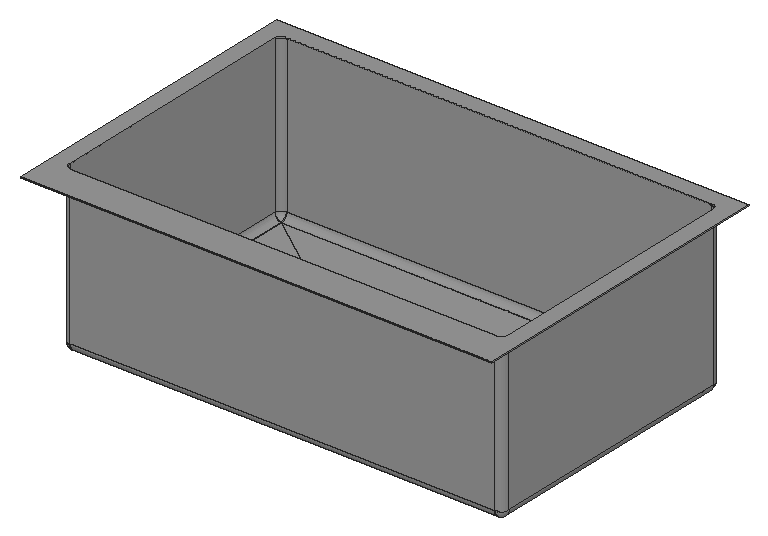
Revit family "BUILDMAT-GMBP005-Boden-700-Gunmetal", category Plumbing Fixtures, host Face, Revit 2020
Family settings
  Host = Face
  Round Connector Dimension = Use Diameter
  Part Type = Normal
  Cut with Voids When Loaded = No
  Shared = No
  Room Calculation Point = No
Parameters (values of type "Boden 700x475x250mm")
  Width = 650.0 mm
  Undermount [instance] = 20.0 mm
  URL = "https://www.buildmat.com.au/products/boden-belfast-stainless-steel-farmhouse-sink"
  Model = "SNBP005"  # constant formula
  Manufacturer URL = "https://www.buildmat.com.au/"
  Manufacturer = "BUILDMAT"  # constant formula
  Length = 400.0 mm
  Description = "BUILDMAT - Boden 700x475 Stainless Steel Farmhouse Sink"  # constant formula
  Depth = 250.0 mm
  Default Elevation = 1219.2 mm
  Created By URL = "https://www.buildmat.com.au/"
  Created By = "BUILDMAT"  # constant formula
  Created = "22.06.2022"  # constant formula
  Material = BUILDMAT Gunmetal
Reference planes
  plane 1 "Center (Front/Back)": y = 0
  plane 2: z = 0
  plane 3 "Center (Left/Right)": x = 0
  plane 4 "Top Substrate": z = -20
  plane 5 "Left": x = -325
  plane 6 "Right": x = 325
  plane 7 "Back": y = 200
  plane 8 "Front": y = -200
  plane 9: x = -350
  plane 10: x = 350
  plane 11: y = -250
  plane 12: y = 225
  plane 13 "Bottom Void": z = -270
  plane 14: z = -18.5
  plane 15: x = -326.5
  plane 16: y = -201.5
  plane 17: x = 326.5
  plane 18: y = 201.5
  plane 19: z = -260
  plane 20: z = -250
  plane 21: x = -315
  plane 22: x = 315
  plane 23: y = -190
  plane 24: y = 190
  plane 25: z = -265
  plane 26: z = -261.5
  plane 27: z = -266.5
  plane 28: x = -100
  plane 29: x = 100
  plane 30 "Sound Pad": z = -150
  plane 31: x = -57
  plane 32: x = 57
  plane 33: x = -45
  plane 34: x = 45
Forms (mm)
  Extrusion 1, void
    sketch origin (0, 0, 0) x (1, 0, 0) y (0, 1, 0)
      loop
        arc (-315, 200) -> (-322.071, 197.071) -> (-325, 190) r 10
        line (-325, 190) -> (-325, -190)
        arc (-325, -190) -> (-322.071, -197.071) -> (-315, -200) r 10
        line (-315, -200) -> (315, -200)
        arc (315, -200) -> (322.071, -197.071) -> (325, -190) r 10
        line (325, -190) -> (325, 190)
        arc (325, 190) -> (322.071, 197.071) -> (315, 200) r 10
        line (315, 200) -> (-315, 200)
    from 0 to -18.5
  Extrusion 2, void
    sketch origin (0, 0, 0) x (1, 0, 0) y (0, 1, 0)
      loop
        line (-326.5, 201.5) -> (-326.5, -201.5) -> (326.5, -201.5) -> (326.5, 201.5) -> (-326.5, 201.5)
    from -20 to -270
  Extrusion 3, void
    sketch origin (0, 0, 0) x (1, 0, 0) y (0, 1, 0)
      loop
        line (-350, 225) -> (-350, -250) -> (350, -250) -> (350, 225) -> (-350, 225)
    from -18.5 to -20
  Extrusion 4, solid, material "BUILDMAT Gunmetal" <- "Material"
    sketch origin (0, 0, -20) x (-1, 0, 0) y (0, -1, 0)
      loop
        line (350, -225) -> (350, 250) -> (-350, 250) -> (-350, -225) -> (350, -225)
      loop
        arc (315, -200) -> (322.071, -197.071) -> (325, -190) r 10
        line (325, -190) -> (325, 190)
        arc (325, 190) -> (322.071, 197.071) -> (315, 200) r 10
        line (315, 200) -> (-315, 200)
        arc (-315, 200) -> (-322.071, 197.071) -> (-325, 190) r 10
        line (-325, 190) -> (-325, -190)
        arc (-325, -190) -> (-322.071, -197.071) -> (-315, -200) r 10
        line (-315, -200) -> (315, -200)
    from 0 to 1.5
  Extrusion 5, solid, material "BUILDMAT Gunmetal" <- "Material"
    sketch origin (0, 0, -20) x (-1, 0, 0) y (0, -1, 0)
      loop
        arc (315, -201.5) -> (323.132, -198.132) -> (326.5, -190) r 11.5
        line (326.5, -190) -> (326.5, 190)
        arc (326.5, 190) -> (323.132, 198.132) -> (315, 201.5) r 11.5
        line (315, 201.5) -> (-315, 201.5)
        arc (-315, 201.5) -> (-323.132, 198.132) -> (-326.5, 190) r 11.5
        line (-326.5, 190) -> (-326.5, -190)
        arc (-326.5, -190) -> (-323.132, -198.132) -> (-315, -201.5) r 11.5
        line (-315, -201.5) -> (315, -201.5)
      loop
        arc (-315, 200) -> (-322.071, 197.071) -> (-325, 190) r 10
        line (-325, 190) -> (-325, -190)
        arc (-325, -190) -> (-322.071, -197.071) -> (-315, -200) r 10
        line (-315, -200) -> (315, -200)
        arc (315, -200) -> (322.071, -197.071) -> (325, -190) r 10
        line (325, -190) -> (325, 190)
        arc (325, 190) -> (322.071, 197.071) -> (315, 200) r 10
        line (315, 200) -> (-315, 200)
    from 0 to -230
  Revolve 6, solid, material "BUILDMAT Gunmetal" <- "Material"
    sketch origin (-175.162, 190, 1219.2) x (-1, 0, 0) y (0, 0, 1)
      loop
        line (-500.162, -1469.2) -> (-501.662, -1469.2)
        arc (-501.662, -1469.2) -> (-498.293, -1477.332) -> (-490.162, -1480.7) r 11.5
        line (-490.162, -1480.7) -> (-490.162, -1479.2)
        arc (-490.162, -1479.2) -> (-497.233, -1476.271) -> (-500.162, -1469.2) r 10
      axis (-490.162, -1480.7) -> (-490.162, -1469.2)
    angle from 0 to -90
  Revolve 7, solid, material "BUILDMAT Gunmetal" <- "Material"
    sketch origin (-175.162, 190, 1219.2) x (-1, 0, 0) y (0, 0, 1)
      loop
        arc (149.838, -1469.2) -> (146.909, -1476.271) -> (139.838, -1479.2) r 10
        line (139.838, -1479.2) -> (139.838, -1480.7)
        arc (139.838, -1480.7) -> (147.97, -1477.332) -> (151.338, -1469.2) r 11.5
        line (151.338, -1469.2) -> (149.838, -1469.2)
      axis (139.838, -1469.2) -> (139.838, -1480.7)
    angle from 0 to -90
  Revolve 8, solid, material "BUILDMAT Gunmetal" <- "Material"
    sketch origin (-175.162, -190, 1219.2) x (-1, 0, 0) y (0, 0, 1)
      loop
        arc (149.838, -1469.2) -> (146.909, -1476.271) -> (139.838, -1479.2) r 10
        line (139.838, -1479.2) -> (139.838, -1480.7)
        arc (139.838, -1480.7) -> (147.97, -1477.332) -> (151.338, -1469.2) r 11.5
        line (151.338, -1469.2) -> (149.838, -1469.2)
      axis (139.838, -1469.2) -> (139.838, -1480.7)
    angle from 0 to 90
  Revolve 9, solid, material "BUILDMAT Gunmetal" <- "Material"
    sketch origin (-175.162, -190, 1219.2) x (-1, 0, 0) y (0, 0, 1)
      loop
        line (-500.162, -1469.2) -> (-501.662, -1469.2)
        arc (-501.662, -1469.2) -> (-498.293, -1477.332) -> (-490.162, -1480.7) r 11.5
        line (-490.162, -1480.7) -> (-490.162, -1479.2)
        arc (-490.162, -1479.2) -> (-497.233, -1476.271) -> (-500.162, -1469.2) r 10
      axis (-490.162, -1469.2) -> (-490.162, -1480.7)
    angle from 0 to 90
  Extrusion 10, solid, material "BUILDMAT Gunmetal" <- "Material"
    sketch origin (0, 0, 0) x (1, 0, 0) y (0, 0, 1)
      loop
        line (-325, -250) -> (-326.5, -250)
        arc (-326.5, -250) -> (-323.132, -258.132) -> (-315, -261.5) r 11.5
        line (-315, -261.5) -> (-315, -260)
        arc (-315, -260) -> (-322.071, -257.071) -> (-325, -250) r 10
    from -190 to 190
  Extrusion 11, solid, material "BUILDMAT Gunmetal" <- "Material"
    sketch origin (0, 0, 0) x (1, 0, 0) y (0, 0, 1)
      loop
        arc (325, -250) -> (322.071, -257.071) -> (315, -260) r 10
        line (315, -260) -> (315, -261.5)
        arc (315, -261.5) -> (323.132, -258.132) -> (326.5, -250) r 11.5
        line (326.5, -250) -> (325, -250)
    from -190 to 190
  Extrusion 12, solid, material "BUILDMAT Gunmetal" <- "Material"
    sketch origin (0, 0, 0) x (0, 1, 0) y (0, 0, 1)
      loop
        arc (200, -250) -> (197.071, -257.071) -> (190, -260) r 10
        line (190, -260) -> (190, -261.5)
        arc (190, -261.5) -> (198.132, -258.132) -> (201.5, -250) r 11.5
        line (201.5, -250) -> (200, -250)
    from -315 to 315
  Extrusion 13, solid, material "BUILDMAT Gunmetal" <- "Material"
    sketch origin (0, 0, 0) x (0, 1, 0) y (0, 0, 1)
      loop
        line (-200, -250) -> (-201.5, -250)
        arc (-201.5, -250) -> (-198.132, -258.132) -> (-190, -261.5) r 11.5
        line (-190, -261.5) -> (-190, -260)
        arc (-190, -260) -> (-197.071, -257.071) -> (-200, -250) r 10
    from -315 to 315
  Revolve 14, solid, material "BUILDMAT Gunmetal" <- "Material"
    sketch origin (0, 0, 0) x (1, 0, 0) y (0, 0, 1)
      loop
        line (-45, -270) -> (-45, -268.5)
        spline (-45, -268.5) -> (-46.484, -268.459) -> (-47.939, -268.339) -> (-49.337, -268.141) -> (-50.649, -267.871) -> (-51.848, -267.537) -> (-52.908, -267.151) -> (-53.805, -266.726) -> (-54.514, -266.283) -> (-55.023, -265.856) -> (-55.329, -265.483) -> (-55.468, -265.202) -> (-55.5, -265)
        line (-55.5, -265) -> (-57, -265)
        spline (-57, -265) -> (-56.897, -265.653) -> (-56.591, -266.294) -> (-56.087, -266.913) -> (-55.392, -267.5) -> (-54.52, -268.044) -> (-53.485, -268.536) -> (-52.305, -268.967) -> (-51, -269.33) -> (-49.592, -269.619) -> (-48.106, -269.83) -> (-46.566, -269.957) -> (-45, -270)
      axis (0, -265) -> (0, -270)
    angle from 0 to 360
  Blend 15, solid, material "BUILDMAT Gunmetal" <- "Material"
    base sketch origin (0, 0, -20) x (-1, 0, 0) y (0, -1, 0)
      loop
        circle (0, 0) r 57
    top sketch origin (0, 0, -20) x (-1, 0, 0) y (0, -1, 0)
      loop
        line (315, -190) -> (315, 190) -> (-315, 190) -> (-315, -190) -> (315, -190)
    from -246.5 to -241.5
  Blend 16, void
    base sketch origin (0, 0, -20) x (-1, 0, 0) y (0, -1, 0)
      loop
        circle (0, 0) r 57
    top sketch origin (0, 0, -20) x (-1, 0, 0) y (0, -1, 0)
      loop
        line (315, -190) -> (315, 190) -> (-315, 190) -> (-315, -190) -> (315, -190)
    from -245 to -240
  Extrusion 17, solid, material "BUILDMAT Gunmetal" <- "Material"
    sketch origin (0, 0, -20) x (-1, 0, 0) y (0, -1, 0)
      loop
        line (315, -190) -> (315, 190) -> (-315, 190) -> (-315, -190) -> (315, -190)
    from -241.5 to -240
  Extrusion 18, void
    sketch origin (0, 0, -20) x (-1, 0, 0) y (0, -1, 0)
      loop
        circle (0, 0) r 57
    from -250 to -230
Cuts and joins
  joined: Extrusion 4, Extrusion 5
  joined: Revolve 6, Revolve 9
  joined: Revolve 7, Revolve 8
  Blend 16, Extrusion 18 cuts Blend 15
  Blend 16, Extrusion 18 cuts Extrusion 17
  joined: Blend 15, Extrusion 17
Lines and regions (mm)
  Masking region 1
    outline origin (0, 0, 0) x (1, 0, 0) y (0, 0, 1)
      loop
        line (325, -20) -> (-325, -20) -> (-325, -250)
        arc (-325, -250) -> (-322.071, -257.071) -> (-315, -260) r 10
        line (-315, -260) -> (-57, -265) -> (57, -265) -> (315, -260)
        arc (315, -260) -> (322.071, -257.071) -> (325, -250) r 10
        line (325, -250) -> (325, -20)
  Masking region 2
    outline origin (0, 0, 0) x (1, 0, 0) y (0, 0, 1)
      loop
        line (-100, -265.667) -> (-100, -270) -> (-57, -270) -> (-57, -266.5) -> (-100, -265.667)
  Masking region 3
    outline origin (0, 0, 0) x (1, 0, 0) y (0, 0, 1)
      loop
        line (57, -266.5) -> (57, -270) -> (100, -270) -> (100, -265.667) -> (57, -266.5)
  Masking region 4
    outline origin (0, 0, 0) x (1, 0, 0) y (0, 0, 1)
      loop
        line (-350, -20) -> (-350, -250) -> (-326.5, -250) -> (-326.5, -20) -> (-350, -20)
  Masking region 5
    outline origin (0, 0, 0) x (1, 0, 0) y (0, 0, 1)
      loop
        line (326.5, -20) -> (326.5, -250) -> (350, -250) -> (350, -20) -> (326.5, -20)
Text (mm)
  text "Refer to www.buildmat.com.au for the most current product literature. \nAllow a +/- 5mm tolerance for dimensions shown in the product literature. \nPlease note product details are subject to change due to ongoing product development." at (0.056, -1035.857, 0), in view "Ref. Level"
Dimensions and locks
  "Undermount": plane 2 to plane 4 "Top Substrate"
  equal spacing: plane 5 "Left", plane 3 "Center (Left/Right)", plane 6 "Right"
  "Width": plane 5 "Left" to plane 6 "Right"
  "Length": plane 7 "Back" to plane 8 "Front"
  equal spacing: plane 7 "Back", plane 1 "Center (Front/Back)", plane 8 "Front"
  locked: plane 12 to plane 7 "Back" at 25
  locked: plane 8 "Front" to plane 11 at 50
  locked: plane 9 to plane 5 "Left" at 25
  locked: plane 6 "Right" to plane 10 at 25
  "Depth": plane 4 "Top Substrate" to plane 13 "Bottom Void"
  locked: plane 14 to plane 4 "Top Substrate" at 1.5
  locked: plane 18 to plane 7 "Back" at 1.5
  locked: plane 8 "Front" to plane 16 at 1.5
  plane 15 to plane 5 "Left" = 1.5 mm
  plane 6 "Right" to plane 17 = 1.5 mm
  plane 20 to plane 19 to plane 13 "Bottom Void" = 10.0 mm, 10.0 mm
  locked: plane 5 "Left" to plane 21 at 10
  locked: plane 22 to plane 6 "Right" at 10
  locked: plane 7 "Back" to plane 24 at 10
  locked: plane 23 to plane 8 "Front" at 10
  locked: plane 19 to plane 26 at 1.5
  locked: plane 25 to plane 13 "Bottom Void" at 5
  locked: plane 25 to plane 27 at 1.5
  plane 29 to plane 3 "Center (Left/Right)" to plane 28 = 100.0 mm locked, 100.0 mm locked
  locked: plane 30 "Sound Pad" to plane 13 "Bottom Void" at 120
  plane 3 "Center (Left/Right)" to nested 1 = 112.5 mm
  nested 2 to plane 3 "Center (Left/Right)" = 112.5 mm
  plane 33 to plane 3 "Center (Left/Right)" to plane 34 = 45.0 mm locked, 45.0 mm locked
  plane 31 to plane 3 "Center (Left/Right)" to plane 32 = 57.0 mm locked, 57.0 mm locked
  aligned and locked: plane 2 to host face
  aligned and locked: level to host face
  aligned and locked: plane 8 "Front" to Extrusion 1 sketch curve
  aligned and locked: Extrusion 1 sketch curve to plane 7 "Back"
  aligned and locked: plane 5 "Left" to Extrusion 1 sketch curve
  aligned and locked: Extrusion 1 sketch curve to plane 6 "Right"
  aligned and locked: plane 2 to Extrusion 1
  aligned and locked: Extrusion 1 to plane 14
  aligned and locked: Extrusion 2 sketch curve to plane 16
  aligned and locked: Extrusion 2 sketch curve to plane 18
  aligned and locked: plane 15 to Extrusion 2 sketch curve
  aligned and locked: plane 17 to Extrusion 2 sketch curve
  aligned and locked: Extrusion 2 to plane 13 "Bottom Void"
  aligned and locked: plane 4 "Top Substrate" to Extrusion 2
  aligned and locked: Extrusion 3 sketch curve to plane 11
  aligned and locked: plane 9 to Extrusion 3 sketch curve
  aligned and locked: Extrusion 3 sketch curve to plane 10
  aligned and locked: Extrusion 3 sketch curve to plane 12
  aligned and locked: Extrusion 3 to plane 4 "Top Substrate"
  aligned and locked: Extrusion 3 to plane 14
  aligned and locked: Extrusion 4 sketch curve to plane 11
  aligned and locked: Extrusion 4 sketch curve to plane 12
  aligned and locked: plane 9 to Extrusion 4 sketch curve
  aligned and locked: Extrusion 4 sketch curve to plane 10
  aligned and locked: plane 5 "Left" to Extrusion 4 sketch curve
  aligned and locked: Extrusion 4 sketch curve to plane 6 "Right"
  aligned and locked: Extrusion 4 sketch curve to plane 7 "Back"
  aligned and locked: plane 8 "Front" to Extrusion 4 sketch curve
  aligned and locked: Extrusion 5 sketch curve to plane 7 "Back"
  aligned and locked: plane 5 "Left" to Extrusion 5 sketch curve
  aligned and locked: Extrusion 5 sketch curve to plane 6 "Right"
  aligned and locked: plane 8 "Front" to Extrusion 5 sketch curve
  aligned and locked: plane 15 to Extrusion 5 sketch curve
  aligned and locked: Extrusion 5 sketch curve to plane 16
  aligned and locked: plane 17 to Extrusion 5 sketch curve
  aligned and locked: Extrusion 5 sketch curve to plane 18
  aligned and locked: Extrusion 5 to plane 20
  aligned and locked: plane 4 "Top Substrate" to Extrusion 5
  aligned and locked: Extrusion 11 to plane 23
  aligned and locked: plane 24 to Extrusion 11
  aligned and locked: plane 24 to Extrusion 10
  aligned and locked: Extrusion 10 to plane 23
  aligned and locked: Extrusion 13 to plane 21
  aligned and locked: plane 22 to Extrusion 13
  aligned and locked: plane 22 to Extrusion 12
  aligned and locked: Extrusion 12 to plane 21
  aligned and locked: plane 21 to Blend 15 sketch curve
  aligned and locked: Blend 15 sketch curve to plane 22
  aligned and locked: Blend 15 sketch curve to plane 23
  aligned and locked: Blend 15 sketch curve to plane 24
  aligned and locked: plane 27 to Blend 15
  aligned and locked: Blend 15 to plane 26
  aligned and locked: Blend 16 sketch curve to plane 24
  aligned and locked: plane 21 to Blend 16 sketch curve
  aligned and locked: Blend 16 sketch curve to plane 22
  aligned and locked: Blend 16 sketch curve to plane 23
  aligned and locked: Blend 16 to plane 25
  aligned and locked: Blend 16 to plane 19
  aligned and locked: Extrusion 17 sketch curve to plane 24
  aligned and locked: Extrusion 17 sketch curve to plane 23
  aligned and locked: plane 21 to Extrusion 17 sketch curve
  aligned and locked: Extrusion 17 sketch curve to plane 22
  aligned and locked: Extrusion 17 to plane 26
  aligned and locked: Extrusion 17 to plane 19
  aligned and locked: Extrusion 18 to plane 13 "Bottom Void"
  aligned and locked: plane 20 to Extrusion 18
  aligned and locked: cut or joined group of Blend 15, Blend 16, Extrusion 17, Extrusion 18 to Masking region 2 sketch curve
  aligned and locked: Masking region 3 sketch curve to cut or joined group of Blend 15, Blend 16, Extrusion 17, Extrusion 18
  aligned and locked: nested 1 to plane 30 "Sound Pad"
  aligned and locked: nested 2 to plane 30 "Sound Pad"
  aligned and locked: nested 3 to plane 23
  aligned and locked: nested 3 to plane 24
  aligned and locked: plane 22 to nested 3
  aligned and locked: plane 21 to nested 3
  aligned and locked: plane 3 "Center (Left/Right)" to nested 4
  aligned and locked: plane 1 "Center (Front/Back)" to nested 4
  aligned and locked: plane 4 "Top Substrate" to Masking region 1
  aligned and locked: plane 20 to Masking region 4 sketch curve
  aligned and locked: plane 9 to Masking region 4 sketch curve
  aligned and locked: Masking region 4 sketch curve to plane 15
  aligned and locked: Masking region 4 sketch curve to plane 4 "Top Substrate"
  aligned and locked: Masking region 5 sketch curve to plane 17
  aligned and locked: Masking region 5 sketch curve to plane 4 "Top Substrate"
  aligned and locked: Masking region 5 sketch curve to plane 10
  aligned and locked: Masking region 5 sketch curve to plane 20
Automatic sketch dimensions
  host sketch curve to host sketch curve = 2438.4 mm  (x2)
  plane 5 "Left" to Extrusion 1 sketch curve = 10.0 mm  (x2)
  Extrusion 1 sketch curve to plane 6 "Right" = 10.0 mm  (x2)
  Extrusion 4 sketch curve to Extrusion 4 sketch curve = 10.0 mm  (x2)
  plane 5 "Left" to Extrusion 4 sketch curve = 10.0 mm
  plane 8 "Front" to Extrusion 4 sketch curve = 10.0 mm
  plane 5 "Left" to Extrusion 5 sketch curve = 10.0 mm
  Extrusion 5 sketch curve to plane 6 "Right" = 10.0 mm
  plane 8 "Front" to Extrusion 5 sketch curve = 10.0 mm
  Extrusion 5 sketch curve to plane 7 "Back" = 10.0 mm
  Extrusion 5 sketch curve to Extrusion 5 sketch curve = 0.0 mm  (x4)
  Revolve 6 sketch curve to Revolve 6 sketch curve = 0.0 mm  (x3)
  plane 17 to Revolve 6 sketch curve = 0.0 mm
  Revolve 6 sketch curve to plane 6 "Right" = 0.0 mm
  Revolve 6 sketch curve to plane 22 = 0.0 mm  (x2)
  Revolve 6 sketch curve to plane 19 = 0.0 mm
  Revolve 6 sketch curve to plane 20 = 0.0 mm
  Revolve 7 sketch curve to Revolve 7 sketch curve = 0.0 mm  (x3)
  Revolve 7 sketch curve to plane 20 = 0.0 mm  (x2)
  Revolve 7 sketch curve to plane 21 = 0.0 mm  (x2)
  Revolve 7 sketch curve to plane 5 "Left" = 0.0 mm
  Revolve 7 sketch curve to plane 15 = 0.0 mm
  Revolve 8 sketch curve to Revolve 8 sketch curve = 0.0 mm  (x3)
  Revolve 8 sketch curve to plane 20 = 0.0 mm  (x2)
  Revolve 8 sketch curve to plane 21 = 0.0 mm  (x2)
  Revolve 8 sketch curve to plane 5 "Left" = 0.0 mm
  Revolve 8 sketch curve to plane 15 = 0.0 mm
  Revolve 9 sketch curve to Revolve 9 sketch curve = 0.0 mm  (x3)
  plane 17 to Revolve 9 sketch curve = 0.0 mm
  Revolve 9 sketch curve to plane 6 "Right" = 0.0 mm
  Revolve 9 sketch curve to plane 22 = 0.0 mm  (x2)
  Revolve 9 sketch curve to plane 20 = 0.0 mm
  Revolve 9 sketch curve to plane 19 = 0.0 mm
  Extrusion 10 sketch curve to plane 15 = 0.0 mm
  Extrusion 10 sketch curve to plane 5 "Left" = 0.0 mm
  Extrusion 10 sketch curve to plane 19 = 0.0 mm
  Extrusion 10 sketch curve to plane 21 = 0.0 mm
  Extrusion 11 sketch curve to plane 20 = 0.0 mm
  Extrusion 11 sketch curve to plane 22 = 0.0 mm
  Extrusion 11 sketch curve to plane 6 "Right" = 0.0 mm
  plane 17 to Extrusion 11 sketch curve = 0.0 mm
  Extrusion 12 sketch curve to plane 20 = 0.0 mm
  Extrusion 12 sketch curve to plane 24 = 0.0 mm
  Extrusion 12 sketch curve to plane 7 "Back" = 0.0 mm
  Extrusion 12 sketch curve to plane 18 = 0.0 mm
  Extrusion 13 sketch curve to plane 16 = 0.0 mm
  Extrusion 13 sketch curve to plane 8 "Front" = 0.0 mm
  Extrusion 13 sketch curve to plane 23 = 0.0 mm
  Extrusion 13 sketch curve to plane 19 = 0.0 mm
  Revolve 14 sketch curve to plane 25 = 0.0 mm
  Revolve 14 sketch curve to plane 13 "Bottom Void" = 0.0 mm  (x2)
  Revolve 14 sketch curve to plane 3 "Center (Left/Right)" = 0.0 mm
  Revolve 14 sketch curve to plane 20 = 0.0 mm
  Revolve 14 sketch curve to plane 3 "Center (Left/Right)" = 45.0 mm
  Revolve 14 sketch curve to Revolve 14 sketch curve = 10.5 mm
  Revolve 14 sketch curve to Revolve 14 sketch curve = 1.5 mm  (x2)
  Revolve 14 sketch curve to Revolve 14 sketch curve = 0.0 mm
  plane 1 "Center (Front/Back)" to Blend 15 sketch curve = 0.0 mm
  Blend 15 sketch curve to plane 3 "Center (Left/Right)" = 0.0 mm
  plane 1 "Center (Front/Back)" to Blend 16 sketch curve = 0.0 mm
  Blend 16 sketch curve to plane 3 "Center (Left/Right)" = 0.0 mm
  plane 1 "Center (Front/Back)" to Extrusion 18 sketch curve = 0.0 mm
  Extrusion 18 sketch curve to plane 3 "Center (Left/Right)" = 0.0 mm
  Masking region 1 sketch curve to level = 20.0 mm
  Masking region 1 sketch curve to plane 20 = 0.0 mm
  Masking region 1 sketch curve to plane 21 = 0.0 mm
  Masking region 1 sketch curve to plane 25 = 0.0 mm
  Masking region 1 sketch curve to plane 3 "Center (Left/Right)" = 57.0 mm
  plane 3 "Center (Left/Right)" to Masking region 1 sketch curve = 57.0 mm
  Masking region 1 sketch curve to plane 19 = 0.0 mm
  Masking region 1 sketch curve to plane 22 = 0.0 mm
  Masking region 1 sketch curve to plane 6 "Right" = 0.0 mm
  Masking region 1 sketch curve to plane 5 "Left" = 0.0 mm
  Masking region 2 sketch curve to plane 28 = 0.0 mm
  Masking region 2 sketch curve to plane 13 "Bottom Void" = 0.0 mm
  Masking region 2 sketch curve to plane 27 = 0.0 mm
  Masking region 3 sketch curve to plane 27 = 0.0 mm
  Masking region 3 sketch curve to plane 13 "Bottom Void" = 0.0 mm
  Masking region 3 sketch curve to plane 29 = 0.0 mm
  radius of Blend 15 sketch curve = 57.0 mm
  radius of Blend 16 sketch curve = 57.0 mm
  radius of Extrusion 18 sketch curve = 57.0 mm
Nested families
  nested 1: "SP_Front" at (-112.5, 0, -150) x (1, 0, 0) z (0, -1, 0), type "SP_Front", not visible
  nested 2: "SP_Front" at (112.5, 0, -150) x (1, 0, 0) z (0, -1, 0), type "SP_Front", not visible
  nested 3: "BOWL Plan" at (0, 0, -150), type "BOWL Plan"
    with Width 630.0 mm, Lenght 380.0 mm
  nested 4: "DRAIN" at (0, 0, -20), type "DRAIN"
Definition of nested family "SP_Front"
  Reference planes
    plane 1 "Center (Elevation)": y = 0
    plane 2: z = 0
    plane 3 "Center (Left/Right)": x = 0
  Lines and regions (mm)
    Masking region 1, in view "Ref. Level"
      outline origin (0, 0, 0) x (1, 0, 0) y (0, 1, 0)
        loop
          arc (-50, 40) -> (-57.071, 37.071) -> (-60, 30) r 10
          line (-60, 30) -> (-60, -30)
          arc (-60, -30) -> (-57.071, -37.071) -> (-50, -40) r 10
          line (-50, -40) -> (50, -40)
          arc (50, -40) -> (57.071, -37.071) -> (60, -30) r 10
          line (60, -30) -> (60, 30)
          arc (60, 30) -> (57.071, 37.071) -> (50, 40) r 10
          line (50, 40) -> (-50, 40)
    detail lines, in view "Ref. Level"
      curve 1: line (-50, 40, 0) -> (50, 40, 0)
      curve 2: line (50, -40, 0) -> (-50, -40, 0)
      curve 3: line (60, 30, 0) -> (60, -30, 0)
      curve 4: line (-60, 30, 0) -> (-60, -30, 0)
      curve 5: arc (-50, 40, 0) -> (-57.071, 37.071, 0) -> (-60, 30, 0) r 10
      curve 6: arc (-60, -30, 0) -> (-57.071, -37.071, 0) -> (-50, -40, 0) r 10
      curve 7: arc (50, -40, 0) -> (57.071, -37.071, 0) -> (60, -30, 0) r 10
      curve 8: arc (60, 30, 0) -> (57.071, 37.071, 0) -> (50, 40, 0) r 10
  Dimensions and locks
    aligned and locked: Masking region 1 sketch curve to curve 1
    aligned and locked: Masking region 1 sketch curve to curve 4
    aligned and locked: Masking region 1 sketch curve to curve 2
    aligned and locked: Masking region 1 sketch curve to curve 3
Definition of nested family "BOWL Plan"
  Parameters (values of type "BOWL Plan")
    Width [instance] = 600.0 mm
    Lenght [instance] = 400.0 mm
  Reference planes
    plane 1 "Center (Front/Back)": y = 0
    plane 2: z = 0
    plane 3 "Center (Left/Right)": x = 0
    plane 4 "Left": x = -300
    plane 5 "Right": x = 300
    plane 6 "Back": y = 200
    plane 7 "Front": y = -200
  Lines and regions (mm)
    Masking region 1, in view "Ref. Level"
      outline origin (0, 0, 0) x (1, 0, 0) y (0, 1, 0)
        loop
          line (-300, 200) -> (-300, -200) -> (300, -200) -> (300, 200) -> (-300, 200)
    detail lines, in view "Ref. Level"
      curve 1: line (-300, 200, 0) -> (300, -200, 0)
      curve 2: line (-300, -200, 0) -> (300, 200, 0)
  Dimensions and locks
    equal spacing: plane 6 "Back", plane 1 "Center (Front/Back)", plane 7 "Front"
    "Lenght": plane 6 "Back" to plane 7 "Front"
    equal spacing: plane 4 "Left", plane 3 "Center (Left/Right)", plane 5 "Right"
    "Width": plane 4 "Left" to plane 5 "Right"
    aligned and locked: plane 4 "Left" to Masking region 1 sketch curve
    aligned and locked: Masking region 1 sketch curve to plane 5 "Right"
    aligned and locked: plane 7 "Front" to Masking region 1 sketch curve
    aligned and locked: Masking region 1 sketch curve to plane 6 "Back"
  Automatic sketch dimensions
    curve 2 to plane 4 "Left" = 0.0 mm
    curve 1 to plane 4 "Left" = 0.0 mm
    curve 2 to plane 5 "Right" = 0.0 mm
    curve 1 to plane 5 "Right" = 0.0 mm
    curve 1 to plane 7 "Front" = 0.0 mm
    curve 2 to plane 7 "Front" = 0.0 mm
    curve 2 to plane 6 "Back" = 0.0 mm
    curve 1 to plane 6 "Back" = 0.0 mm
Definition of nested family "DRAIN"
  Reference planes
    plane 1 "Center (Front/Back)": y = 0
    plane 2: z = 0
    plane 3 "Center (Left/Right)": x = 0
  Lines and regions (mm)
    Masking region 1, in view "Ref. Level"
      outline origin (0, 0, 0) x (1, 0, 0) y (0, 1, 0)
        loop
          circle (0, 0) r 57
    detail lines, in view "Ref. Level"
      curve 1: circle (0, 0, 0) r 45 normal (0, 0, 1)
      curve 2: circle (0, 0, 0) r 55.5 normal (0, 0, 1)
